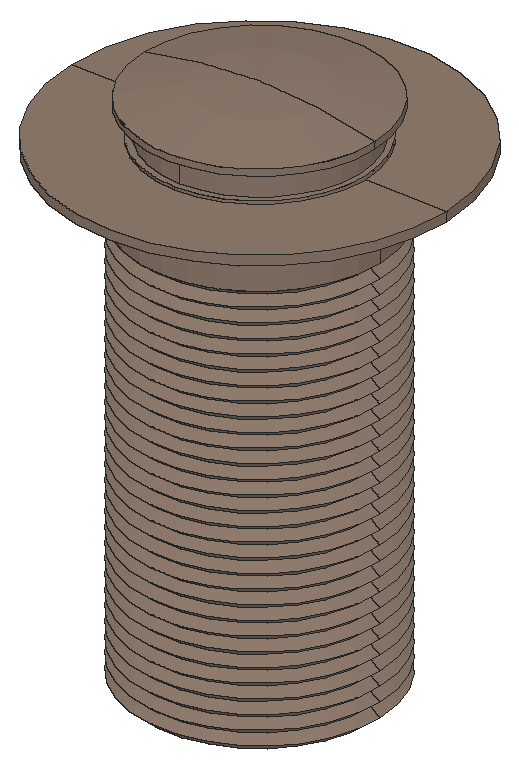
Revit family "ALMA-30mm_Bath_Waste", category Plumbing Fixtures, Revit 2026
Family settings
  Round Connector Dimension = Use Diameter
  Part Type = Normal
  Work Plane-Based = No
  Enable Cutting in Views = Yes
  Always vertical = Yes
  Cut with Voids When Loaded = No
  Maintain Annotation Orientation = No
  Shared = No
  Room Calculation Point = No
Parameters (values of type "BRUSHED ANTIQUE BRASS")
  Material = BM_ANTIQUE BRASS
  Default Elevation = 0 mm
Types (7, lengths in mm): name | Material
  (no name) | BM_ANTIQUE BRASS
  BRUSHED ANTIQUE BRASS | BM_ANTIQUE BRASS
  BRUSHED NICKEL | BM_NICKEL
  MATTE BLACK | BM_MATTE BLACK
  BRUSHED GUNMETAL | BM__GUNMETAL
  BRUSHED BRASS GOLD | BM_BRASS GOLD
  CHROME | BM_CHROME
Reference planes
  plane 1 "Center (Front/Back)": y = 0
  plane 2: z = 0
  plane 3 "Center (Left/Right)": x = 0
  plane 4: x = -31
  plane 5: x = 31
  plane 6: y = 31
  plane 7: y = -31
Forms (mm)
  Revolve 1, solid, material "BM_ANTIQUE BRASS" <- "Material"
    sketch origin (0, 0, -0.248) x (1, 0, 0) y (0, 0, 1)
      loop
        line (0, -9.752) -> (0, 1.748) -> (-31, 1.748) -> (-31, 0.248) -> (-22.891, 0.248)
        arc (-22.891, 0.248) -> (-21.038, -0.803) -> (-19.988, -2.655) r 4
        line (-19.988, -2.655) -> (-19.988, -9.752) -> (0, -9.752)
      axis (0, 1.748) -> (0, -9.752)
    angle from 0 to 360
  Extrusion 2, solid, material "BM_ANTIQUE BRASS" <- "Material"
    sketch origin (0, 0, 1.5) x (0, 1, 0) y (-1, 0, 0)
      loop
        circle (0, 0) r 17.5
    from 0 to 0.5
  Extrusion 3, solid, material "BM_ANTIQUE BRASS" <- "Material"
    sketch origin (0, 0, 2) x (0, 1, 0) y (-1, 0, 0)
      loop
        circle (0, 0) r 16.5
    from 0 to 4.5
  Revolve 4, solid, material "BM_ANTIQUE BRASS" <- "Material"
    sketch origin (0, 0, -4.22) x (1, 0, 0) y (0, 0, 1)
      loop
        line (0, -5.78) -> (-19.988, -5.78) -> (-18.462, -6.972) -> (-19.946, -8.131) -> (-18.462, -9.291) -> (-19.946, -10.45) -> (-18.462, -11.609) -> (-19.946, -12.768) -> (-18.462, -13.928) -> (-19.946, -15.087) -> (-18.462, -16.246) -> (-19.946, -17.406) -> (-18.462, -18.565) -> (-19.946, -19.724) -> (-18.462, -20.884) -> (-19.946, -22.043) -> (-18.462, -23.202) -> (-19.946, -24.361) -> (-18.462, -25.521) -> (-19.946, -26.68) -> (-18.462, -27.839) -> (-19.946, -28.999) -> (-18.462, -30.158) -> (-19.946, -31.317) -> (-18.462, -32.476) -> (-19.946, -33.636) -> (-18.462, -34.795) -> (-19.946, -35.954) -> (-18.462, -37.114) -> (-19.946, -38.273) -> (-18.462, -39.432) -> (-19.946, -40.591) -> (-18.462, -41.751) -> (-19.946, -42.91) -> (-18.462, -44.069) -> (-19.946, -45.229) -> (-18.462, -46.388) -> (-19.946, -47.547) -> (-18.462, -48.707) -> (-19.946, -49.866) -> (-18.462, -51.025) -> (-19.946, -52.184) -> (-18.462, -53.344) -> (-19.946, -54.503) -> (-18.462, -55.662) -> (-19.946, -56.822) -> (-18.462, -57.981) -> (-19.946, -59.14) -> (-18.462, -60.299) -> (-19.946, -61.459) -> (-18.462, -62.618) -> (-19.946, -63.777) -> (-18.462, -64.937) -> (-19.946, -66.096) -> (-18.462, -67.255) -> (-19.946, -68.414) -> (-18.462, -69.574) -> (-19.946, -70.733) -> (-18.462, -71.892) -> (-19.946, -73.052) -> (-18.334, -74.311) -> (0, -74.311) -> (0, -5.78)
      axis (0, -5.78) -> (0, -74.311)
    angle from 0 to 360
  Revolve 5, solid, material "BM_ANTIQUE BRASS" <- "Material"
    sketch origin (0, 0, 0.108) x (1, 0, 0) y (0, 0, 1)
      loop
        line (0, 6.392) -> (0, 9.892)
        arc (0, 9.892) -> (-9.571, 9.206) -> (-19, 7.422) r 83.188
        line (-19, 7.422) -> (-19, 6.392) -> (0, 6.392)
      axis (0, 9.892) -> (0, 6.392)
    angle from 0 to 360
Text (mm)
  text "Refer to www.buildmat.com.au for the most current product literature. \nAllow a +/- 5mm tolerance for dimensions shown in the product literature. \nPlease note product details are subject to change due to ongoing product development." at (-1.255, -177.708, 0), in view "Ref. Level"
Dimensions and locks
  equal spacing: plane 4, plane 3 "Center (Left/Right)", plane 5
  equal spacing: plane 7, plane 1 "Center (Front/Back)", plane 6
  aligned and locked: level to plane 2
Automatic sketch dimensions
  Revolve 5 sketch curve to plane 3 "Center (Left/Right)" = 0 mm  (x2)
  Revolve 5 sketch curve to plane 4 = 12 mm
  plane 3 "Center (Left/Right)" to Revolve 5 sketch curve = 1.152 mm
  Revolve 5 sketch curve to level = 73.18 mm
  level to Revolve 5 sketch curve = 6.5 mm
  Revolve 5 sketch curve to Revolve 5 sketch curve = 1.03 mm
  Revolve 5 sketch curve to Revolve 5 sketch curve = 0 mm  (x2)
  plane 4 to Revolve 1 sketch curve = 0 mm
  Revolve 1 sketch curve to level = 0 mm
  Revolve 1 sketch curve to plane 3 "Center (Left/Right)" = 0 mm  (x2)
  Revolve 1 sketch curve to plane 4 = 7.133 mm
  Revolve 1 sketch curve to Revolve 1 sketch curve = 0.976 mm
  Revolve 1 sketch curve to Revolve 1 sketch curve = 3.879 mm
  Revolve 1 sketch curve to level = 2.903 mm
  Revolve 1 sketch curve to level = 10 mm
  level to Revolve 1 sketch curve = 1.5 mm
  Revolve 1 sketch curve to Revolve 1 sketch curve = 0 mm
  Revolve 1 sketch curve to Revolve 1 sketch curve = 0.106 mm
  Revolve 4 sketch curve to plane 3 "Center (Left/Right)" = 0 mm  (x2)
  Revolve 4 sketch curve to plane 4 = 12.666 mm
  Revolve 4 sketch curve to plane 4 = 12.538 mm  (x2)
  Revolve 4 sketch curve to Revolve 4 sketch curve = 0 mm  (x26)
  Revolve 4 sketch curve to Revolve 4 sketch curve = 0.128 mm
  Revolve 4 sketch curve to Revolve 4 sketch curve = 1.484 mm  (x29)
  Revolve 4 sketch curve to Revolve 4 sketch curve = 1.526 mm
  Revolve 4 sketch curve to level = 78.531 mm
  Revolve 4 sketch curve to Revolve 4 sketch curve = 1.259 mm
  Revolve 4 sketch curve to Revolve 4 sketch curve = 1.159 mm  (x57)
  Revolve 4 sketch curve to Revolve 4 sketch curve = 1.192 mm
  Revolve 4 sketch curve to Revolve 4 sketch curve = 0.1 mm
  Revolve 4 sketch curve to Revolve 4 sketch curve = 0.495 mm
  radius of Extrusion 2 sketch curve to Revolve 1 = 13.5 mm
  radius of Extrusion 3 sketch curve to Extrusion 2 = 1 mm
